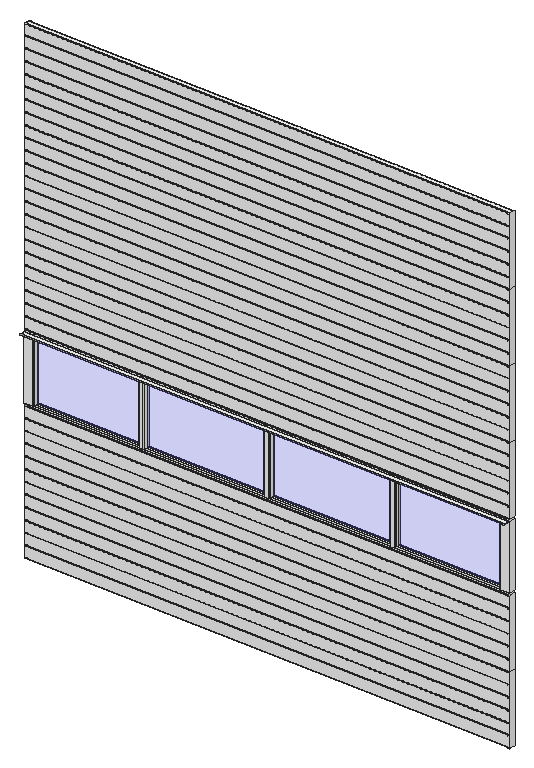
Revit family
Parameters (values of type "By Type")
  Windload = "Doors available rated for various design pressures; consult Clopay for avaialbility and specifications"
  VisSection6 = NumSections = 6  # no
  VisSection5 = NumSections > 4  # yes
  VisSection4 = NumSections > 3  # yes
  VisSection3 = NumSections > 2  # yes
  VisArray = NumSections > 6  # yes
  URL = "www.clopaydoor.com"
  Track = "Galvanized steel (gauge varies according to door size)"
  Thickness = 0' - 2"  # constant formula
  Spec Wizard = "http://www.arcat.com/specwizard/08360clo/index.htm"
  Section Height = Height / NumSections  # 2' - 0"
  Section 5 Glazing = Section : Solid
  Section 4 Glazing = Section : Solid
  Section 3 Glazing = Full Vision Section : Intermediate
  Sales Information = "http://www.clopaydoor.com/where-to-buy.aspx?type=dealer"
  Rough Width = 0' - 0"  # constant formula
  Rough Height = 0' - 0"  # constant formula
  R-Value = "17.2"
  Product Features and Benefits = "http://www.clopaydoor.com/insulated-polyurethane-applications.aspx"
  Overlapping Jamb = yes
  Overlap = if(Overlapping Jamb, 0' 1", 0' 0")  # 0' - 1"
  Opening Width = 14' - 0"
  Opening Height = 14' - 0"
  Omniclass Table = "23-30 10 17 37 "
  NumSectionsNotRounded = Height / 2' 0"  # 7
  NumSections = NumSectionsNotRounded + 0.4999  # 7
  NumArraySections = if(NumSections > 6, NumSections - 5, 2)  # 2
  Model = "3724"
  Maximum Size = "Maximum 32' 2'' wide by 26' 0'' high. Additional limitations may apply do to door weight. Consult Clopay for specificiations and shop drawings."  # constant formula
  Manufacturer Website = "http://www.clopaydoor.com"
  Manufacturer Phone Number = "1-800-526-4301"
  Manufacturer Address = "1400 W. Market St., Troy, OH 45373"
  Manufacturer = "Clopay Building Products Company"
  LEED = "http://products.construction.com/swts_content_files/151607/303186.pdf"
  Keynote = "08 36 13"
  Interior Steel = "28 ga. galvanized, primed, and finish painted"
  Hardware = "14 ga. min. steel hinges; 10-ball steel rollers"
  GreenFormat = "http://www.greenformat.com/products/1536-Polyurethane%20Insulated%20Doors.rtf"
  Function = (empty or 0)
  Height = Opening Height + Rough Width * 0  # 14' - 0"
  Wall Closure = (empty or 0)
  Width = Opening Width + Rough Width * 0  # 14' - 0"
  FloorToSection7 = 6 * Section Height  # 12' - 0"
  FloorToSection6 = 5 * Section Height  # 10' - 0"
  FloorToSection5 = 4 * Section Height  # 8' - 0"
  FloorToSection4 = 3 * Section Height  # 6' - 0"
  FloorToSection3 = 2 * Section Height  # 4' - 0"
  FloorToSection2 = Section Height  # 2' - 0"
  File Revision = "00 (March 2013)"
  Exterior Steel = "24 ga. galvanized, primed, and finish painted"
  Double End Stiles = Door Width > 14' 2"  # no
  Door Width = Opening Width + Overlap * 2  # 14' - 2"
  Door Height = Opening Height + Rough Width * 0  # 14' - 0"
  Description = "2'' thick polyurethane insulated, stucco embossed 24 gauge steel exterior with light ribbed pattern."
  Core Material = "Expanded polyurethane"
  Copyright = "2013, Clopay Building Products Company, Inc."
  Color = White
  CAD and Specifications = "http://www.clopaydoor.com/insulated-polyurethane-specs.aspx"
  Assembly Code = "B2030410"
Reference planes (in)
  plane 1 "Center (Front/Back)": y = 0
  plane 2 "Center (Left/Right)": x = 0
  plane 3 "Left": x = -84
  plane 4 "Right": x = 84
  plane 5 "Top": z = 168
  plane 6 "Exterior": y = 3
  plane 7 "Interior": y = -3
  plane 8: z = 120
  plane 9: z = 144
Lines and regions (in)
  Opening 1
    outline origin (-90, -3, 0) x (1, 0, 0) y (0, 0, 1)
      loop
        line (6, 0) -> (174, 0) -> (174, 168) -> (6, 168) -> (6, 0)
Text (in)
  text "Exterior" at (-74.96733, 27.31104, 0), in view "Ref. Level"
  text "Interior" at (-74.96733, -25.14366, 0), in view "Ref. Level"
  text "Exterior" at (0, 40.15149, 123.01588), in view "Right"
  text "Interior" at (0, -64.39139, 123.01588), in view "Right"
  text "Interior" at (0, -31.01599, 123.00693), in view "Left"
  text "Exterior" at (0, 54.57065, 123.00693), in view "Left"
Dimensions and locks (in)
  equal spacing: plane 3 "Left", plane 2 "Center (Left/Right)", plane 4 "Right"
  "Height": level to plane 5 "Top"
  "Width": plane 3 "Left" to plane 4 "Right"
  host wall to plane 5 "Top" = 14' - 0"
  nested 1 to plane 7 "Interior" = 0' - 0 1/2"
  "FloorToSection6": plane 8 to level
  "FloorToSection7": plane 9 to level
  group 1 to group 2 = 0' - 0"  (x2)
  group 1 to group 2 = 2' - 0"
  host wall to host wall = 67' - 6"
  aligned and locked: plane 3 "Left" to Opening 1 sketch curve
  aligned and locked: plane 5 "Top" to Opening 1 sketch curve
  aligned and locked: Opening 1 sketch curve to plane 5 "Top"
  aligned and locked: Opening 1 sketch curve to plane 4 "Right"
  aligned and locked: Opening 1 sketch curve to level
  aligned and locked: plane 6 "Exterior" to host wall
  aligned and locked: host wall to plane 7 "Interior"
  aligned and locked: plane 2 "Center (Left/Right)" to nested 2
  aligned and locked: plane 2 "Center (Left/Right)" to nested 3
  aligned and locked: plane 2 "Center (Left/Right)" to nested 4
  aligned and locked: plane 2 "Center (Left/Right)" to nested 5
  aligned and locked: plane 2 "Center (Left/Right)" to nested 7
  aligned and locked: nested 7 to plane 8
  aligned and locked: nested 8 to plane 9
  aligned and locked: plane 7 "Interior" to nested 2
  aligned and locked: plane 7 "Interior" to nested 7
  aligned and locked: host wall to nested 8
  aligned and locked: plane 7 "Interior" to nested 3
  aligned and locked: host wall to nested 3
  aligned and locked: plane 7 "Interior" to nested 1
  aligned and locked: nested 2 to host wall
  aligned and locked: plane 7 "Interior" to nested 6
  aligned and locked: plane 7 "Interior" to nested 5
  aligned and locked: host wall to nested 7
  aligned and locked: plane 7 "Interior" to nested 4
Nested families (in)
  nested 1: "Section" at (0, 0, 0), type "Solid"
    with X9 0' - 7 1/2", X8 0' - 7 1/2", X7 0' - 7 1/2", X6 0' - 7 1/2", X5 0' - 7 1/2", X4 11' - 7 1/2", X3 7' - 11 1/2", X2 4' - 3 1/2", NumWindows 4, NumArrayedWindows 4, Half Door Width Neg -7' - 1", Half Door Width 7' - 1", X1 0' - 7 1/2", Door Width 14' - 2"
  nested 2: "Section" at (0, 0, 24), built-in parameter 1001364 <- "Section Height", type "Solid"
    with X9 0' - 7 1/2", X8 0' - 7 1/2", X7 0' - 7 1/2", X6 0' - 7 1/2", X5 0' - 7 1/2", X4 11' - 7 1/2", X3 7' - 11 1/2", X2 4' - 3 1/2", NumWindows 4, NumArrayedWindows 4, Half Door Width Neg -7' - 1", Half Door Width 7' - 1", X1 0' - 7 1/2", Door Width 14' - 2"
  nested 3: "Full Vision Section" at (0, 0, 48), type <- "Section 3 Glazing", built-in parameter 1001364 <- "FloorToSection3", visible <- "VisSection3", type "Intermediate"
    with SingleStileVis no, Rail Width 14' - 1 13/16", NumIntStiles 3, Half Rail Width 7' - 0 29/32", Half Door Width 7' - 1", Glass Width 14' - 0 13/16", Edge to 1st Int Stile 3' - 5", Door Width 14' - 2", ArrayStileVis yes, ArrayIntStiles 3
  nested 4: "Section" at (0, 0, 120), built-in parameter 1001364 <- "FloorToSection6", visible <- "VisSection6", type "Solid"
    with X9 0' - 7 1/2", X8 0' - 7 1/2", X7 0' - 7 1/2", X6 0' - 7 1/2", X5 0' - 7 1/2", X4 11' - 7 1/2", X3 7' - 11 1/2", X2 4' - 3 1/2", NumWindows 4, NumArrayedWindows 4, Half Door Width Neg -7' - 1", Half Door Width 7' - 1", X1 0' - 7 1/2", Door Width 14' - 2"
  nested 5: "Section" at (0, 0, 96), built-in parameter 1001364 <- "FloorToSection5", type <- "Section 5 Glazing", visible <- "VisSection5", type "Solid"
    with X9 0' - 7 1/2", X8 0' - 7 1/2", X7 0' - 7 1/2", X6 0' - 7 1/2", X5 0' - 7 1/2", X4 11' - 7 1/2", X3 7' - 11 1/2", X2 4' - 3 1/2", NumWindows 4, NumArrayedWindows 4, Half Door Width Neg -7' - 1", Half Door Width 7' - 1", X1 0' - 7 1/2", Door Width 14' - 2"
  nested 6: "Section" at (0, 0, 72), type <- "Section 4 Glazing", built-in parameter 1001364 <- "FloorToSection4", visible <- "VisSection4", type "Solid"
    with X9 0' - 7 1/2", X8 0' - 7 1/2", X7 0' - 7 1/2", X6 0' - 7 1/2", X5 0' - 7 1/2", X4 11' - 7 1/2", X3 7' - 11 1/2", X2 4' - 3 1/2", NumWindows 4, NumArrayedWindows 4, Half Door Width Neg -7' - 1", Half Door Width 7' - 1", X1 0' - 7 1/2", Door Width 14' - 2"
  nested 7: "Section" at (0, 0, 120), visible <- "VisArray", type "Solid"
    with X9 0' - 7 1/2", X8 0' - 7 1/2", X7 0' - 7 1/2", X6 0' - 7 1/2", X5 0' - 7 1/2", X4 11' - 7 1/2", X3 7' - 11 1/2", X2 4' - 3 1/2", NumWindows 4, NumArrayedWindows 4, Half Door Width Neg -7' - 1", Half Door Width 7' - 1", X1 0' - 7 1/2", Door Width 14' - 2"
  nested 8: "Section" at (0, 0, 144), visible <- "VisArray", type "Solid"
    with X9 0' - 7 1/2", X8 0' - 7 1/2", X7 0' - 7 1/2", X6 0' - 7 1/2", X5 0' - 7 1/2", X4 11' - 7 1/2", X3 7' - 11 1/2", X2 4' - 3 1/2", NumWindows 4, NumArrayedWindows 4, Half Door Width Neg -7' - 1", Half Door Width 7' - 1", X1 0' - 7 1/2", Door Width 14' - 2"
  nested 9: "Section" at (0, 4.67704, 636.93806), type "Windows - 24x8", not visible
    with X9 0' - 7 1/2", X8 0' - 7 1/2", X7 0' - 7 1/2", X6 0' - 7 1/2", X5 0' - 7 1/2", X4 11' - 7 1/2", X3 7' - 11 1/2", X2 4' - 3 1/2", NumWindows 4, NumArrayedWindows 4, Half Door Width Neg -7' - 1", Half Door Width 7' - 1", X1 0' - 7 1/2", Door Width 14' - 2"
  nested 10: "Section" at (0, 4.63986, 609.3176), type "Windows - 24x12", not visible
    with X9 0' - 7 1/2", X8 0' - 7 1/2", X7 0' - 7 1/2", X6 0' - 7 1/2", X5 0' - 7 1/2", X4 11' - 7 1/2", X3 7' - 11 1/2", X2 4' - 3 1/2", WindowSpacing 3' - 8", NumWindows 4, NumArrayedWindows 4, Half Door Width Neg -7' - 1", Half Door Width 7' - 1", X1 0' - 7 1/2", Door Width 14' - 2"
Definition of nested family "Section"
  Parameters (values of type "Windows - 24x12")
    X9 = if(if(NumArrayedWindows < NumWindows, NumArrayedWindows + 1, NumWindows) < 9, X1, X8 + WindowSpacing)  # 0' - 4 1/2"
    X8 = if(if(NumArrayedWindows < NumWindows, NumArrayedWindows + 1, NumWindows) < 8, X1, X7 + WindowSpacing)  # 0' - 4 1/2"
    X7 = if(if(NumArrayedWindows < NumWindows, NumArrayedWindows + 1, NumWindows) < 7, X1, X6 + WindowSpacing)  # 0' - 4 1/2"
    X6 = if(if(NumArrayedWindows < NumWindows, NumArrayedWindows + 1, NumWindows) < 6, X1, X5 + WindowSpacing)  # 0' - 4 1/2"
    X5 = if(if(NumArrayedWindows < NumWindows, NumArrayedWindows + 1, NumWindows) < 5, X1, X4 + WindowSpacing)  # 0' - 4 1/2"
    X4 = if(if(NumArrayedWindows < NumWindows, NumArrayedWindows + 1, NumWindows) < 4, X1, X3 + WindowSpacing)  # 0' - 4 1/2"
    X3 = if(NumWindows < 3, X1, X2 + WindowSpacing)  # 7' - 0 1/2"
    X2 = if(NumWindows < 2, ((Door Width - (NumWindows - 1) * WindowSpacing) / 2 - Cutout Width / 2), ((Door Width - (NumWindows - 1) * WindowSpacing) / 2 - Cutout Width / 2) + WindowSpacing)  # 3' - 8 1/2"
    Windows = 37xx Window Array : 24x12
    WindowVis = yes
    WindowSpacing = if(and(Door Width < 10' 0", Door Width > 9' 2"), 3' 4", 3' 8")  # 3' - 4"
    WindowCutDepth = 0' - 2"
    Section Height = 2' - 0"
    RibSpacing = Section Height / (NumRibs + 1)  # 0' - 4"
    NumWindows = if(Door Width < 9' 4", 2, if(Door Width < 13' 4", 3, if(Door Width < 16' 4", 4, if(Door Width < 20' 4", 5, if(Door Width < 24' 4", 6, if(Door Width < 26' 4", 7, if(Door Width < 31' 8", 8, 10)))))))  # 3
    NumRibs = if(Section Height < 1' 9", 3, if(Section Height < 2' 0", 4, 5))  # 5
    NumArrayedWindows = if(X2 = X1, NumWindows - 2, NumWindows)  # 3
    Half Section Height = Section Height / 2  # 1' - 0"
    Half Door Width Neg = -Half Door Width  # -4' - 8"
    Half Door Width = Door Width / 2  # 4' - 8"
    Half Cutout Height = Cutout Height / 2  # 0' - 5 1/2"
    Function = (empty or 0)
    Height = 0' - 0"
    Wall Closure = (empty or 0)
    Width = 0' - 0"
    X1 = if(or(Door Width > 31' 6", and(Door Width > 26' 2", Door Width < 28' 1"), Door Width = 24' 3", Door Width = 24' 4", and(Door Width > 20' 2", Door Width < 20' 11"), and(Door Width > 16' 2", Door Width < 17' 3")), X2, (Door Width - (NumWindows - 1) * WindowSpacing) / 2 - Cutout Width / 2)  # 0' - 4 1/2"
    Door Width = 9' - 4"
    CutoutToCutout = 1' - 0"
    Cutout Width = 1' - 11"
    Cutout Height = 0' - 11"
    Color = White
    BtmTo1stRib = RibSpacing  # 0' - 4"
    Assembly Code = ""
  Types (3): name | X7 | X6 | X5 | X4 | X3 | X2 | Windows | WindowVis | WindowSpacing | WindowCutDepth | NumWindows | NumArrayedWindows | Half Door Width Neg | Half Door Width | Half Cutout Height | Door Width | Cutout Height
    Windows - 24x12 | 0' - 4 1/2" | 0' - 4 1/2" | 0' - 4 1/2" | 0' - 4 1/2" | 7' - 0 1/2" | 3' - 8 1/2" | 37xx Window Array : 24x12 | yes | 3' - 4" | 0' - 2" | 3 | 3 | -4' - 8" | 4' - 8" | 0' - 5 1/2" | 9' - 4" | 0' - 11"
    Windows - 24x8 | 22' - 4 1/2" | 18' - 8 1/2" | 15' - 0 1/2" | 11' - 4 1/2" | 7' - 8 1/2" | 4' - 0 1/2" | 37xx Window Array : 24x8 | yes | 3' - 8" | 0' - 2" | 7 | 7 | -12' - 4" | 12' - 4" | 0' - 3 1/2" | 24' - 8" | 0' - 7"
    Solid | 22' - 4 1/2" | 18' - 8 1/2" | 15' - 0 1/2" | 11' - 4 1/2" | 7' - 8 1/2" | 4' - 0 1/2" | 37xx Window Array : 24x8 | no | 3' - 8" | -0' - 0 13/128" | 7 | 7 | -12' - 4" | 12' - 4" | 0' - 3 1/2" | 24' - 8" | 0' - 7"
  Reference planes (in)
    plane 1 "Center (Front/Back)": y = 0
    plane 2 "Center (Left/Right)": x = 0
    plane 3 "Exterior": y = 3
    plane 4 "Interior": y = -3
    plane 5: y = -3.5
    plane 6: x = 56
    plane 7: x = -56
    plane 8: z = 4
    plane 9: z = 8
    plane 10: z = 24
    plane 11: z = 12
    plane 12: z = 0
  Forms (in)
    Extrusion 1, solid, material "White" <- "Color"
      sketch origin (-56, -12, 83.08252) x (0, 0, 1) y (0, -1, 0)
        loop
          line (-59.08252, -8.37573) -> (-59.08252, -6.62444)
          arc (-59.08252, -6.62444) -> (-59.11897, -6.53645) -> (-59.20696, -6.5) r 0.12444
          line (-59.20696, -6.5) -> (-82.95809, -6.5)
          arc (-82.95809, -6.5) -> (-83.04608, -6.53645) -> (-83.08252, -6.62444) r 0.12444
          line (-83.08252, -6.62444) -> (-83.08252, -8.37573)
          arc (-83.08252, -8.37573) -> (-83.04612, -8.4636) -> (-82.95825, -8.5) r 0.12427
          line (-82.95825, -8.5) -> (-59.20679, -8.5)
          arc (-59.20679, -8.5) -> (-59.11892, -8.4636) -> (-59.08252, -8.37573) r 0.12427
      from 0 to 112 <- "Door Width"
    Extrusion 2, void
      sketch origin (0, 0, -0.5) x (0, -1, 0) y (0, 0, 1)
        loop
          line (3.5, 4.62727) -> (3.5, 4.37273) -> (3.53032, 4.41942)
          arc (3.53032, 4.41942) -> (3.53753, 4.43506) -> (3.54, 4.4521) r 0.06
          line (3.54, 4.4521) -> (3.54, 4.5479)
          arc (3.54, 4.5479) -> (3.53753, 4.56494) -> (3.53032, 4.58058) r 0.06
          line (3.53032, 4.58058) -> (3.5, 4.62727)
      from -56 <- "Half Door Width Neg" to 112 <- "Door Width"
    Extrusion 3, void
      sketch origin (0, 0, 3.5) x (0, -1, 0) y (0, 0, 1)
        loop
          line (3.5, 4.62727) -> (3.5, 4.37273) -> (3.53032, 4.41942)
          arc (3.53032, 4.41942) -> (3.53753, 4.43506) -> (3.54, 4.4521) r 0.06
          line (3.54, 4.4521) -> (3.54, 4.5479)
          arc (3.54, 4.5479) -> (3.53753, 4.56494) -> (3.53032, 4.58058) r 0.06
          line (3.53032, 4.58058) -> (3.5, 4.62727)
      from -56 <- "Half Door Width Neg" to 112 <- "Door Width"
    Extrusion 4, void
      sketch origin (0, 0, 7.5) x (0, -1, 0) y (0, 0, 1)
        loop
          line (3.5, 4.62727) -> (3.5, 4.37273) -> (3.53032, 4.41942)
          arc (3.53032, 4.41942) -> (3.53753, 4.43506) -> (3.54, 4.4521) r 0.06
          line (3.54, 4.4521) -> (3.54, 4.5479)
          arc (3.54, 4.5479) -> (3.53753, 4.56494) -> (3.53032, 4.58058) r 0.06
          line (3.53032, 4.58058) -> (3.5, 4.62727)
      from -56 <- "Half Door Width Neg" to 112 <- "Door Width"
    Extrusion 5, void
      sketch origin (0, -8.99984, -0.5) x (0, 1, 0) y (0, 0, -1)
        loop
          line (3.5, -4.62727) -> (3.53032, -4.58058)
          arc (3.53032, -4.58058) -> (3.53753, -4.56494) -> (3.54, -4.5479) r 0.06
          line (3.54, -4.5479) -> (3.54, -4.4521)
          arc (3.54, -4.4521) -> (3.53753, -4.43506) -> (3.53032, -4.41942) r 0.06
          line (3.53032, -4.41942) -> (3.5, -4.37273) -> (3.5, -4.62727)
      from -56 <- "Half Door Width Neg" to 112 <- "Door Width"
    Extrusion 6, void
      sketch origin (0, -8.99984, 3.5) x (0, 1, 0) y (0, 0, -1)
        loop
          line (3.5, -4.62727) -> (3.53032, -4.58058)
          arc (3.53032, -4.58058) -> (3.53753, -4.56494) -> (3.54, -4.5479) r 0.06
          line (3.54, -4.5479) -> (3.54, -4.4521)
          arc (3.54, -4.4521) -> (3.53753, -4.43506) -> (3.53032, -4.41942) r 0.06
          line (3.53032, -4.41942) -> (3.5, -4.37273) -> (3.5, -4.62727)
      from -56 <- "Half Door Width Neg" to 112 <- "Door Width"
    Extrusion 7, void
      sketch origin (0, -8.99984, 7.5) x (0, 1, 0) y (0, 0, -1)
        loop
          line (3.5, -4.62727) -> (3.53032, -4.58058)
          arc (3.53032, -4.58058) -> (3.53753, -4.56494) -> (3.54, -4.5479) r 0.06
          line (3.54, -4.5479) -> (3.54, -4.4521)
          arc (3.54, -4.4521) -> (3.53753, -4.43506) -> (3.53032, -4.41942) r 0.06
          line (3.53032, -4.41942) -> (3.5, -4.37273) -> (3.5, -4.62727)
      from -56 <- "Half Door Width Neg" to 112 <- "Door Width"
    Extrusion 8, void
      sketch origin (-98.15385, -3.5, 48) x (1, 0, 0) y (0, 0, 1)
        loop
          line (149.65385, -30.5) -> (126.65385, -30.5) -> (126.65385, -36) -> (149.65385, -36) -> (149.65385, -30.5)
      from 0 to 2 <- "WindowCutDepth"
    Extrusion 9, void
      sketch origin (-98.15385, -3.5, -24) x (1, 0, 0) y (0, 0, 1)
        loop
          line (149.65385, 30.5) -> (149.65385, 36) -> (126.65385, 36) -> (126.65385, 30.5) -> (149.65385, 30.5)
      from 0 to 2 <- "WindowCutDepth"
    Extrusion 10, void
      sketch origin (-136.15385, -3.5, 48) x (1, 0, 0) y (0, 0, 1)
        loop
          line (147.65385, -30.5) -> (124.65385, -30.5) -> (124.65385, -36) -> (147.65385, -36) -> (147.65385, -30.5)
      from 0 to 2 <- "WindowCutDepth"
    Extrusion 11, void
      sketch origin (-136.15385, -3.5, -24) x (1, 0, 0) y (0, 0, 1)
        loop
          line (147.65385, 30.5) -> (147.65385, 36) -> (124.65385, 36) -> (124.65385, 30.5) -> (147.65385, 30.5)
      from 0 to 2 <- "WindowCutDepth"
    Extrusion 12, void
      sketch origin (-171.15385, -3.5, 48) x (1, 0, 0) y (0, 0, 1)
        loop
          line (142.65385, -30.5) -> (119.65385, -30.5) -> (119.65385, -36) -> (142.65385, -36) -> (142.65385, -30.5)
      from 0 to 2 <- "WindowCutDepth"
    Extrusion 13, void
      sketch origin (-171.15385, -3.5, -24) x (1, 0, 0) y (0, 0, 1)
        loop
          line (142.65385, 30.5) -> (142.65385, 36) -> (119.65385, 36) -> (119.65385, 30.5) -> (142.65385, 30.5)
      from 0 to 2 <- "WindowCutDepth"
    Extrusion 14, void
      sketch origin (-214.15385, -3.5, 48) x (1, 0, 0) y (0, 0, 1)
        loop
          line (265.65385, -30.5) -> (242.65385, -30.5) -> (242.65385, -36) -> (265.65385, -36) -> (265.65385, -30.5)
      from 0 to 2 <- "WindowCutDepth"
    Extrusion 15, void
      sketch origin (-214.15385, -3.5, -24) x (1, 0, 0) y (0, 0, 1)
        loop
          line (265.65385, 30.5) -> (265.65385, 36) -> (242.65385, 36) -> (242.65385, 30.5) -> (265.65385, 30.5)
      from 0 to 2 <- "WindowCutDepth"
    Extrusion 16, void
      sketch origin (-256.15385, -3.5, 48) x (1, 0, 0) y (0, 0, 1)
        loop
          line (307.65385, -30.5) -> (284.65385, -30.5) -> (284.65385, -36) -> (307.65385, -36) -> (307.65385, -30.5)
      from 0 to 2 <- "WindowCutDepth"
    Extrusion 17, void
      sketch origin (-256.15385, -3.5, -24) x (1, 0, 0) y (0, 0, 1)
        loop
          line (307.65385, 30.5) -> (307.65385, 36) -> (284.65385, 36) -> (284.65385, 30.5) -> (307.65385, 30.5)
      from 0 to 2 <- "WindowCutDepth"
    Extrusion 18, void
      sketch origin (-294.15385, -3.5, 48) x (1, 0, 0) y (0, 0, 1)
        loop
          line (345.65385, -30.5) -> (322.65385, -30.5) -> (322.65385, -36) -> (345.65385, -36) -> (345.65385, -30.5)
      from 0 to 2 <- "WindowCutDepth"
    Extrusion 19, void
      sketch origin (-294.15385, -3.5, -24) x (1, 0, 0) y (0, 0, 1)
        loop
          line (345.65385, 30.5) -> (345.65385, 36) -> (322.65385, 36) -> (322.65385, 30.5) -> (345.65385, 30.5)
      from 0 to 2 <- "WindowCutDepth"
    Extrusion 20, void
      sketch origin (-331.15385, -3.5, 48) x (1, 0, 0) y (0, 0, 1)
        loop
          line (382.65385, -30.5) -> (359.65385, -30.5) -> (359.65385, -36) -> (382.65385, -36) -> (382.65385, -30.5)
      from 0 to 2 <- "WindowCutDepth"
    Extrusion 21, void
      sketch origin (-331.15385, -3.5, -24) x (1, 0, 0) y (0, 0, 1)
        loop
          line (382.65385, 30.5) -> (382.65385, 36) -> (359.65385, 36) -> (359.65385, 30.5) -> (382.65385, 30.5)
      from 0 to 2 <- "WindowCutDepth"
    Extrusion 22, void
      sketch origin (-368.15385, -3.5, 48) x (1, 0, 0) y (0, 0, 1)
        loop
          line (419.65385, -30.5) -> (396.65385, -30.5) -> (396.65385, -36) -> (419.65385, -36) -> (419.65385, -30.5)
      from 0 to 2 <- "WindowCutDepth"
    Extrusion 23, void
      sketch origin (-368.15385, -3.5, -24) x (1, 0, 0) y (0, 0, 1)
        loop
          line (419.65385, 30.5) -> (419.65385, 36) -> (396.65385, 36) -> (396.65385, 30.5) -> (419.65385, 30.5)
      from 0 to 2 <- "WindowCutDepth"
    Extrusion 24, void
      sketch origin (-407.15385, -3.5, 48) x (1, 0, 0) y (0, 0, 1)
        loop
          line (458.65385, -30.5) -> (435.65385, -30.5) -> (435.65385, -36) -> (458.65385, -36) -> (458.65385, -30.5)
      from 0 to 2 <- "WindowCutDepth"
    Extrusion 25, void
      sketch origin (-407.15385, -3.5, -24) x (1, 0, 0) y (0, 0, 1)
        loop
          line (458.65385, 30.5) -> (458.65385, 36) -> (435.65385, 36) -> (435.65385, 30.5) -> (458.65385, 30.5)
      from 0 to 2 <- "WindowCutDepth"
    Extrusion 26, void
      sketch origin (0, 0, 11.5) x (0, -1, 0) y (0, 0, 1)
        loop
          line (3.5, 4.62727) -> (3.5, 4.37273) -> (3.53032, 4.41942)
          arc (3.53032, 4.41942) -> (3.53753, 4.43506) -> (3.54, 4.4521) r 0.06
          line (3.54, 4.4521) -> (3.54, 4.5479)
          arc (3.54, 4.5479) -> (3.53753, 4.56494) -> (3.53032, 4.58058) r 0.06
          line (3.53032, 4.58058) -> (3.5, 4.62727)
      from -56 <- "Half Door Width Neg" to 112 <- "Door Width"
    Extrusion 27, void
      sketch origin (0, -8.99984, 11.5) x (0, 1, 0) y (0, 0, -1)
        loop
          line (3.5, -4.62727) -> (3.53032, -4.58058)
          arc (3.53032, -4.58058) -> (3.53753, -4.56494) -> (3.54, -4.5479) r 0.06
          line (3.54, -4.5479) -> (3.54, -4.4521)
          arc (3.54, -4.4521) -> (3.53753, -4.43506) -> (3.53032, -4.41942) r 0.06
          line (3.53032, -4.41942) -> (3.5, -4.37273) -> (3.5, -4.62727)
      from -56 <- "Half Door Width Neg" to 112 <- "Door Width"
    Extrusion 28, void
      sketch origin (0, 0, 15.5) x (0, -1, 0) y (0, 0, 1)
        loop
          line (3.5, 4.62727) -> (3.5, 4.37273) -> (3.53032, 4.41942)
          arc (3.53032, 4.41942) -> (3.53753, 4.43506) -> (3.54, 4.4521) r 0.06
          line (3.54, 4.4521) -> (3.54, 4.5479)
          arc (3.54, 4.5479) -> (3.53753, 4.56494) -> (3.53032, 4.58058) r 0.06
          line (3.53032, 4.58058) -> (3.5, 4.62727)
      from -56 <- "Half Door Width Neg" to 112 <- "Door Width"
    Extrusion 29, void
      sketch origin (0, -8.99984, 15.5) x (0, 1, 0) y (0, 0, -1)
        loop
          line (3.5, -4.62727) -> (3.53032, -4.58058)
          arc (3.53032, -4.58058) -> (3.53753, -4.56494) -> (3.54, -4.5479) r 0.06
          line (3.54, -4.5479) -> (3.54, -4.4521)
          arc (3.54, -4.4521) -> (3.53753, -4.43506) -> (3.53032, -4.41942) r 0.06
          line (3.53032, -4.41942) -> (3.5, -4.37273) -> (3.5, -4.62727)
      from -56 <- "Half Door Width Neg" to 112 <- "Door Width"
  Cuts and joins
    Extrusion 2, Extrusion 3, Extrusion 4, Extrusion 5, Extrusion 6, Extrusion 7, Extrusion 8, Extrusion 9, Extrusion 10, Extrusion 11, Extrusion 12, Extrusion 13, Extrusion 14, Extrusion 15, Extrusion 16, Extrusion 17, Extrusion 18, Extrusion 19, Extrusion 20, Extrusion 21, Extrusion 22, Extrusion 23, Extrusion 24, Extrusion 25, Extrusion 26, Extrusion 27, Extrusion 28, Extrusion 29 cuts Extrusion 1
  Lines and regions (in)
    reference lines
      curve 1: line (-72, -3.54, 4) -> (-72, -3.5, 4)
      curve 2: line (-72, -5.45984, 4) -> (-72, -5.49984, 4)
      curve 3: line (-72, -3.54, 8) -> (-72, -3.5, 8)
      curve 4: line (-72, -3.54, 12) -> (-72, -3.5, 12)
      curve 5: line (-72, -5.45984, 4) -> (-72, -5.49984, 4)
      curve 6: line (-72, -5.45984, 8) -> (-72, -5.49984, 8)
      curve 7: line (-72, -5.45984, 12) -> (-72, -5.49984, 12)
      curve 8: line (-72, -3.54, 16) -> (-72, -3.5, 16)
      curve 9: line (-72, -5.45984, 16) -> (-72, -5.49984, 16)
      curve 10: line (-72, -3.54, 20) -> (-72, -3.5, 20)
      curve 11: line (-72, -5.45984, 20) -> (-72, -5.49984, 20)
  Text (in)
    text "Exterior" at (-74.96733, 27.31104, 0), in view "Ref. Level"
    text "Interior" at (-74.96733, -25.14366, 0), in view "Ref. Level"
    text "Exterior" at (0, 40.15149, 123.01588), in view "Right"
    text "Interior" at (0, -64.39139, 123.01588), in view "Right"
    text "Interior" at (0, -31.01599, 123.00693), in view "Left"
    text "Exterior" at (0, 54.57065, 123.00693), in view "Left"
  Dimensions and locks (in)
    plane 4 "Interior" to plane 5 = 0' - 0 1/2"
    "Half Door Width": plane 2 "Center (Left/Right)" to plane 7
    "Half Door Width": plane 6 to plane 2 "Center (Left/Right)"
    Extrusion 1 sketch curve to Extrusion 1 sketch curve = 0' - 2"
    Extrusion 2 sketch curve to Extrusion 2 sketch curve = 0' - 0.25454"
    Extrusion 2 sketch curve to Extrusion 2 sketch curve = 0' - 0.04"  (x2)
    "BtmTo1stRib": plane 8 to level
    curve 1 to Extrusion 2 sketch curve = 0' - 0.12727"
    "RibSpacing": plane 9 to plane 8
    "Section Height": plane 10 to level
    Extrusion 3 sketch curve to Extrusion 3 sketch curve = 0' - 0.25454"
    Extrusion 3 sketch curve to Extrusion 3 sketch curve = 0' - 0.04"  (x2)
    curve 3 to Extrusion 3 sketch curve = 0' - 0.12727"
    equal spacing: group 1, group 2, group 3, group 4, group 5  (x3)
    Extrusion 4 sketch curve to Extrusion 4 sketch curve = 0' - 0.25454"
    Extrusion 4 sketch curve to Extrusion 4 sketch curve = 0' - 0.04"  (x2)
    curve 4 to Extrusion 4 sketch curve = 0' - 0.12727"
    Extrusion 5 sketch curve to Extrusion 5 sketch curve = 0' - 0.25454"
    Extrusion 5 sketch curve to Extrusion 5 sketch curve = 0' - 0.04"  (x2)
    Extrusion 5 sketch curve to curve 5 = 0' - 0.12727"
    Extrusion 6 sketch curve to Extrusion 6 sketch curve = 0' - 0.25454"
    Extrusion 6 sketch curve to Extrusion 6 sketch curve = 0' - 0.04"  (x2)
    Extrusion 6 sketch curve to curve 6 = 0' - 0.12727"
    Extrusion 7 sketch curve to Extrusion 7 sketch curve = 0' - 0.25454"
    Extrusion 7 sketch curve to Extrusion 7 sketch curve = 0' - 0.04"  (x2)
    Extrusion 7 sketch curve to curve 7 = 0' - 0.12727"
    "Half Section Height": level to plane 11
    "Cutout Width": Extrusion 8 sketch curve to Extrusion 8 sketch curve
    "Half Cutout Height": Extrusion 8 sketch curve to Extrusion 8 sketch curve
    "Cutout Width": Extrusion 9 sketch curve to Extrusion 9 sketch curve
    "Half Cutout Height": Extrusion 9 sketch curve to Extrusion 9 sketch curve
    "X1": cut or joined group 1 (Extrusion 1, Extrusion 2, Extrusion 3, Extrusion 4, Extrusion 5, Extrusion 6, Extrusion 7, Extrusion 8, Extrusion 9, Extrusion 10, Extrusion 11, Extrusion 12, Extrusion 13, Extrusion 14, Extrusion 15, Extrusion 16, Extrusion 17, Extrusion 18, Extrusion 19, Extrusion 20, Extrusion 21, Extrusion 22, Extrusion 23, Extrusion 24, Extrusion 25, Extrusion 26, Extrusion 27, Extrusion 28, Extrusion 29) to cut or joined group 1
    "Cutout Width": Extrusion 10 sketch curve to Extrusion 10 sketch curve
    "Half Cutout Height": Extrusion 10 sketch curve to Extrusion 10 sketch curve
    "Cutout Width": Extrusion 11 sketch curve to Extrusion 11 sketch curve
    "Half Cutout Height": Extrusion 11 sketch curve to Extrusion 11 sketch curve
    "Cutout Width": Extrusion 12 sketch curve to Extrusion 12 sketch curve
    "Half Cutout Height": Extrusion 12 sketch curve to Extrusion 12 sketch curve
    "Cutout Width": Extrusion 13 sketch curve to Extrusion 13 sketch curve
    "Half Cutout Height": Extrusion 13 sketch curve to Extrusion 13 sketch curve
    "X2": plane 6 to cut or joined group 1
    "X3": plane 6 to cut or joined group 1
    "Cutout Width": Extrusion 14 sketch curve to Extrusion 14 sketch curve
    "Half Cutout Height": Extrusion 14 sketch curve to Extrusion 14 sketch curve
    "Cutout Width": Extrusion 15 sketch curve to Extrusion 15 sketch curve
    "Half Cutout Height": Extrusion 15 sketch curve to Extrusion 15 sketch curve
    "Cutout Width": Extrusion 16 sketch curve to Extrusion 16 sketch curve
    "Half Cutout Height": Extrusion 16 sketch curve to Extrusion 16 sketch curve
    "Cutout Width": Extrusion 17 sketch curve to Extrusion 17 sketch curve
    "Half Cutout Height": Extrusion 17 sketch curve to Extrusion 17 sketch curve
    "Cutout Width": Extrusion 18 sketch curve to Extrusion 18 sketch curve
    "Half Cutout Height": Extrusion 18 sketch curve to Extrusion 18 sketch curve
    "Cutout Width": Extrusion 19 sketch curve to Extrusion 19 sketch curve
    "Half Cutout Height": Extrusion 19 sketch curve to Extrusion 19 sketch curve
    "Cutout Width": Extrusion 20 sketch curve to Extrusion 20 sketch curve
    "Half Cutout Height": Extrusion 20 sketch curve to Extrusion 20 sketch curve
    "Cutout Width": Extrusion 21 sketch curve to Extrusion 21 sketch curve
    "Half Cutout Height": Extrusion 21 sketch curve to Extrusion 21 sketch curve
    "Cutout Width": Extrusion 22 sketch curve to Extrusion 22 sketch curve
    "Half Cutout Height": Extrusion 22 sketch curve to Extrusion 22 sketch curve
    "Cutout Width": Extrusion 23 sketch curve to Extrusion 23 sketch curve
    "Half Cutout Height": Extrusion 23 sketch curve to Extrusion 23 sketch curve
    "Cutout Width": Extrusion 24 sketch curve to Extrusion 24 sketch curve
    "Half Cutout Height": Extrusion 24 sketch curve to Extrusion 24 sketch curve
    "Cutout Width": Extrusion 25 sketch curve to Extrusion 25 sketch curve
    "Half Cutout Height": Extrusion 25 sketch curve to Extrusion 25 sketch curve
    "X4": plane 6 to cut or joined group 1
    "X5": plane 6 to cut or joined group 1
    "X6": plane 6 to cut or joined group 1
    "X7": plane 6 to cut or joined group 1
    "X8": plane 6 to cut or joined group 1
    "X9": plane 6 to cut or joined group 1
    locked: nested 1 to cut or joined group 1 at 1  (x2)
    locked: nested 1 to cut or joined group 1 at 0.125
    Extrusion 26 sketch curve to Extrusion 26 sketch curve = 0' - 0.25454"
    Extrusion 26 sketch curve to Extrusion 26 sketch curve = 0' - 0.04"  (x2)
    curve 8 to Extrusion 26 sketch curve = 0' - 0.12727"
    Extrusion 27 sketch curve to Extrusion 27 sketch curve = 0' - 0.25454"
    Extrusion 27 sketch curve to Extrusion 27 sketch curve = 0' - 0.04"  (x2)
    Extrusion 27 sketch curve to curve 9 = 0' - 0.12727"
    Extrusion 28 sketch curve to Extrusion 28 sketch curve = 0' - 0.25454"
    Extrusion 28 sketch curve to Extrusion 28 sketch curve = 0' - 0.04"  (x2)
    curve 10 to Extrusion 28 sketch curve = 0' - 0.12727"
    Extrusion 29 sketch curve to Extrusion 29 sketch curve = 0' - 0.25454"
    Extrusion 29 sketch curve to Extrusion 29 sketch curve = 0' - 0.04"  (x2)
    Extrusion 29 sketch curve to curve 11 = 0' - 0.12727"
    locked: plane 4 "Interior" to cut or joined group 1 at 0.5
    radius of Extrusion 1 sketch curve = 0' - 0.12427"  (x2)
    radius of Extrusion 1 sketch curve = 0' - 0.12444"  (x2)
    angle Extrusion 2 sketch curve to Extrusion 2 sketch curve = 147.00°  (x2)
    angle Extrusion 3 sketch curve to Extrusion 3 sketch curve = 147.00°  (x2)
    angle Extrusion 4 sketch curve to Extrusion 4 sketch curve = 147.00°  (x2)
    angle Extrusion 5 sketch curve to Extrusion 5 sketch curve = 147.00°  (x2)
    angle Extrusion 6 sketch curve to Extrusion 6 sketch curve = 147.00°  (x2)
    angle Extrusion 7 sketch curve to Extrusion 7 sketch curve = 147.00°  (x2)
    angle Extrusion 26 sketch curve to Extrusion 26 sketch curve = 147.00°  (x2)
    angle Extrusion 27 sketch curve to Extrusion 27 sketch curve = 147.00°  (x2)
    angle Extrusion 28 sketch curve to Extrusion 28 sketch curve = 147.00°  (x2)
    angle Extrusion 29 sketch curve to Extrusion 29 sketch curve = 147.00°  (x2)
    aligned and locked: Extrusion 1 sketch curve to plane 5
    aligned and locked: plane 8 to curve 1
    aligned and locked: plane 9 to curve 3
    aligned and locked: Extrusion 8 sketch curve to plane 11
    aligned and locked: plane 11 to Extrusion 9 sketch curve
    aligned and locked: cut or joined group 1 to cut or joined group 1  (x9)
    aligned and locked: plane 12 to level
  Automatic sketch dimensions
    curve 2 to curve 1 = 0' - 1.91984"
    curve 1 to curve 1 = 0' - 0.04"  (x2)
    curve 1 to curve 2 = 0' - 1.91984"
    curve 2 to curve 2 = 0' - 0.04"  (x2)
    Extrusion 2 sketch curve to Extrusion 2 sketch curve = 0' - 0"
    Extrusion 2 sketch curve to Extrusion 2 sketch curve = 0' - 0.02"
    Extrusion 2 sketch curve to Extrusion 2 sketch curve = 0' - 0.00968"  (x2)
    curve 5 to curve 1 = 0' - 0"
    curve 1 to curve 5 = 0' - 1.91984"
    curve 5 to curve 5 = 0' - 0.04"
    Extrusion 5 sketch curve to Extrusion 5 sketch curve = 0' - 0"
    Extrusion 5 sketch curve to Extrusion 5 sketch curve = 0' - 0.02"
    Extrusion 5 sketch curve to Extrusion 5 sketch curve = 0' - 0.00968"  (x2)
    Extrusion 3 sketch curve to Extrusion 3 sketch curve = 0' - 0"
    Extrusion 3 sketch curve to Extrusion 3 sketch curve = 0' - 0.02"
    Extrusion 3 sketch curve to Extrusion 3 sketch curve = 0' - 0.00968"  (x2)
    curve 6 to curve 3 = 0' - 0"
    curve 3 to curve 3 = 0' - 0.04"
    curve 3 to curve 6 = 0' - 1.91984"
    curve 6 to curve 6 = 0' - 0.04"
    Extrusion 4 sketch curve to Extrusion 4 sketch curve = 0' - 0"
    Extrusion 4 sketch curve to Extrusion 4 sketch curve = 0' - 0.02"
    Extrusion 4 sketch curve to Extrusion 4 sketch curve = 0' - 0.00968"  (x2)
    curve 7 to curve 4 = 0' - 0"
    curve 4 to curve 4 = 0' - 0.04"
    curve 4 to curve 7 = 0' - 1.91984"
    curve 7 to curve 7 = 0' - 0.04"
    Extrusion 7 sketch curve to Extrusion 7 sketch curve = 0' - 0.00968"
    Extrusion 6 sketch curve to Extrusion 6 sketch curve = 0' - 0.00968"
    curve 2 to plane 8 = 0' - 0"
    curve 2 to plane 5 = 0' - 1.95984"
    Extrusion 8 sketch curve to plane 6 = 2' - 3 1/2"
    Extrusion 9 sketch curve to plane 6 = 2' - 3 1/2"
    Extrusion 10 sketch curve to plane 11 = 0' - 0"
    Extrusion 10 sketch curve to plane 6 = 5' - 7 1/2"
    Extrusion 11 sketch curve to plane 11 = 0' - 0"
    Extrusion 11 sketch curve to plane 6 = 5' - 7 1/2"
    Extrusion 12 sketch curve to plane 11 = 0' - 0"
    Extrusion 12 sketch curve to plane 6 = 8' - 11 1/2"
    Extrusion 13 sketch curve to plane 11 = 0' - 0"
    Extrusion 13 sketch curve to plane 6 = 8' - 11 1/2"
    Extrusion 14 sketch curve to plane 11 = 0' - 0"
    plane 2 "Center (Left/Right)" to Extrusion 14 sketch curve = 2' - 4 1/2"
    Extrusion 15 sketch curve to plane 11 = 0' - 0"
    plane 2 "Center (Left/Right)" to Extrusion 15 sketch curve = 2' - 4 1/2"
    Extrusion 16 sketch curve to plane 11 = 0' - 0"
    plane 2 "Center (Left/Right)" to Extrusion 16 sketch curve = 2' - 4 1/2"
    Extrusion 17 sketch curve to plane 11 = 0' - 0"
    plane 2 "Center (Left/Right)" to Extrusion 17 sketch curve = 2' - 4 1/2"
    Extrusion 18 sketch curve to plane 11 = 0' - 0"
    plane 2 "Center (Left/Right)" to Extrusion 18 sketch curve = 2' - 4 1/2"
    Extrusion 19 sketch curve to plane 11 = 0' - 0"
    plane 2 "Center (Left/Right)" to Extrusion 19 sketch curve = 2' - 4 1/2"
    Extrusion 20 sketch curve to plane 11 = 0' - 0"
    plane 2 "Center (Left/Right)" to Extrusion 20 sketch curve = 2' - 4 1/2"
    Extrusion 21 sketch curve to plane 11 = 0' - 0"
    plane 2 "Center (Left/Right)" to Extrusion 21 sketch curve = 2' - 4 1/2"
    Extrusion 22 sketch curve to plane 11 = 0' - 0"
    plane 7 to Extrusion 22 sketch curve = 7' - 0 1/2"
    Extrusion 23 sketch curve to plane 11 = 0' - 0"
    plane 7 to Extrusion 23 sketch curve = 7' - 0 1/2"
    Extrusion 24 sketch curve to plane 11 = 0' - 0"
    plane 7 to Extrusion 24 sketch curve = 7' - 0 1/2"
    Extrusion 25 sketch curve to plane 11 = 0' - 0"
    plane 7 to Extrusion 25 sketch curve = 7' - 0 1/2"
    Extrusion 1 sketch curve to plane 10 = 0' - 0"
    Extrusion 1 sketch curve to level = 0' - 0"
    Extrusion 26 sketch curve to Extrusion 26 sketch curve = 0' - 0"
    Extrusion 26 sketch curve to Extrusion 26 sketch curve = 0' - 0.02"
    Extrusion 26 sketch curve to Extrusion 26 sketch curve = 0' - 0.00968"  (x2)
    curve 9 to curve 8 = 0' - 0"
    curve 8 to curve 8 = 0' - 0.04"
    curve 8 to curve 9 = 0' - 1.91984"
    curve 9 to curve 9 = 0' - 0.04"
    Extrusion 27 sketch curve to Extrusion 27 sketch curve = 0' - 0"
    Extrusion 27 sketch curve to Extrusion 27 sketch curve = 0' - 0.02"
    Extrusion 27 sketch curve to Extrusion 27 sketch curve = 0' - 0.00968"  (x2)
    Extrusion 28 sketch curve to Extrusion 28 sketch curve = 0' - 0"
    Extrusion 28 sketch curve to Extrusion 28 sketch curve = 0' - 0.02"
    Extrusion 28 sketch curve to Extrusion 28 sketch curve = 0' - 0.00968"  (x2)
    curve 11 to curve 10 = 0' - 0"
    curve 10 to curve 10 = 0' - 0.04"
    curve 10 to curve 11 = 0' - 1.91984"
    curve 11 to curve 11 = 0' - 0.04"
    Extrusion 29 sketch curve to Extrusion 29 sketch curve = 0' - 0"
    Extrusion 29 sketch curve to Extrusion 29 sketch curve = 0' - 0.02"
    Extrusion 29 sketch curve to Extrusion 29 sketch curve = 0' - 0.00968"  (x2)
  Nested families (in)
    nested 1: "37xx Window Array" at (40, -3.375, 7.5) x (-1, 0, 0) z (0, 0, 1), type <- "Windows", visible <- "WindowVis", type "24x12"
      with Window Spacing 3' - 4"
  Definition of nested family "37xx Window Array"
    Parameters (values of type "24x8")
      Window Spacing = 3' - 8"
      NumWindows = 3
      Frame Width = 2' - 1"
      Frame Height = 0' - 9"
      Color = White
      Assembly Code = ""
    Types (2): name | Frame Height | Color
      24x8 | 0' - 9" | White
      24x12 | 1' - 1" | none
    Reference planes (in)
      plane 1 "Center (Front/Back)": y = 0
      plane 2: z = 0
      plane 3 "Center (Left/Right)": x = 0
      plane 4: y = -1
    Forms (in)
      Extrusion 1, solid, material "White" <- "Color"
        sketch origin (-1.38592, 0, 0) x (1, 0, 0) y (0, 0, 1)
          loop
            line (-8.86408, 1.625) -> (11.63592, 1.625)
            arc (11.63592, 1.625) -> (12.07786, 1.80806) -> (12.26092, 2.25) r 0.625
            line (12.26092, 2.25) -> (12.26092, 6.75)
            arc (12.26092, 6.75) -> (12.07786, 7.19194) -> (11.63592, 7.375) r 0.625
            line (11.63592, 7.375) -> (-8.86408, 7.375)
            arc (-8.86408, 7.375) -> (-9.30602, 7.19194) -> (-9.48908, 6.75) r 0.625
            line (-9.48908, 6.75) -> (-9.48908, 2.25)
            arc (-9.48908, 2.25) -> (-9.30602, 1.80806) -> (-8.86408, 1.625) r 0.625
          loop
            line (-10.48908, 0) -> (13.26092, 0)
            arc (13.26092, 0) -> (13.70286, 0.18306) -> (13.88592, 0.625) r 0.625
            line (13.88592, 0.625) -> (13.88592, 8.375)
            arc (13.88592, 8.375) -> (13.70286, 8.81694) -> (13.26092, 9) r 0.625
            line (13.26092, 9) -> (-10.48908, 9)
            arc (-10.48908, 9) -> (-10.93102, 8.81694) -> (-11.11408, 8.375) r 0.625
            line (-11.11408, 8.375) -> (-11.11408, 0.625)
            arc (-11.11408, 0.625) -> (-10.93102, 0.18306) -> (-10.48908, 0) r 0.625
        from 0 to 2.25
      Extrusion 2, solid, material "Glass"
        sketch origin (0, -1, 15.9844) x (0, 0, 1) y (-1, 0, 0)
          loop
            arc (-8.6094, 10.25) -> (-8.79246, 10.69194) -> (-9.2344, 10.875) r 0.625
            line (-9.2344, 10.875) -> (-13.7344, 10.875)
            arc (-13.7344, 10.875) -> (-14.17634, 10.69194) -> (-14.3594, 10.25) r 0.625
            line (-14.3594, 10.25) -> (-14.3594, -10.25)
            arc (-14.3594, -10.25) -> (-14.17634, -10.69194) -> (-13.7344, -10.875) r 0.625
            line (-13.7344, -10.875) -> (-9.2344, -10.875)
            arc (-9.2344, -10.875) -> (-8.79246, -10.69194) -> (-8.6094, -10.25) r 0.625
            line (-8.6094, -10.25) -> (-8.6094, 10.25)
        from 0 to 0.25
      Extrusion 3, solid, material "White" <- "Color"
        sketch origin (42.61408, 0, 0) x (1, 0, 0) y (0, 0, 1)
          loop
            line (-8.86408, 1.625) -> (11.63592, 1.625)
            arc (11.63592, 1.625) -> (12.07786, 1.80806) -> (12.26092, 2.25) r 0.625
            line (12.26092, 2.25) -> (12.26092, 6.75)
            arc (12.26092, 6.75) -> (12.07786, 7.19194) -> (11.63592, 7.375) r 0.625
            line (11.63592, 7.375) -> (-8.86408, 7.375)
            arc (-8.86408, 7.375) -> (-9.30602, 7.19194) -> (-9.48908, 6.75) r 0.625
            line (-9.48908, 6.75) -> (-9.48908, 2.25)
            arc (-9.48908, 2.25) -> (-9.30602, 1.80806) -> (-8.86408, 1.625) r 0.625
          loop
            line (-10.48908, 0) -> (13.26092, 0)
            arc (13.26092, 0) -> (13.70286, 0.18306) -> (13.88592, 0.625) r 0.625
            line (13.88592, 0.625) -> (13.88592, 8.375)
            arc (13.88592, 8.375) -> (13.70286, 8.81694) -> (13.26092, 9) r 0.625
            line (13.26092, 9) -> (-10.48908, 9)
            arc (-10.48908, 9) -> (-10.93102, 8.81694) -> (-11.11408, 8.375) r 0.625
            line (-11.11408, 8.375) -> (-11.11408, 0.625)
            arc (-11.11408, 0.625) -> (-10.93102, 0.18306) -> (-10.48908, 0) r 0.625
        from 0 to 2.25
      Extrusion 4, solid, material "Glass"
        sketch origin (44, -1, 15.9844) x (0, 0, 1) y (-1, 0, 0)
          loop
            arc (-8.6094, 10.25) -> (-8.79246, 10.69194) -> (-9.2344, 10.875) r 0.625
            line (-9.2344, 10.875) -> (-13.7344, 10.875)
            arc (-13.7344, 10.875) -> (-14.17634, 10.69194) -> (-14.3594, 10.25) r 0.625
            line (-14.3594, 10.25) -> (-14.3594, -10.25)
            arc (-14.3594, -10.25) -> (-14.17634, -10.69194) -> (-13.7344, -10.875) r 0.625
            line (-13.7344, -10.875) -> (-9.2344, -10.875)
            arc (-9.2344, -10.875) -> (-8.79246, -10.69194) -> (-8.6094, -10.25) r 0.625
            line (-8.6094, -10.25) -> (-8.6094, 10.25)
        from 0 to 0.25
      Extrusion 5, solid, material "White" <- "Color"
        sketch origin (86.61408, 0, 0) x (1, 0, 0) y (0, 0, 1)
          loop
            line (-8.86408, 1.625) -> (11.63592, 1.625)
            arc (11.63592, 1.625) -> (12.07786, 1.80806) -> (12.26092, 2.25) r 0.625
            line (12.26092, 2.25) -> (12.26092, 6.75)
            arc (12.26092, 6.75) -> (12.07786, 7.19194) -> (11.63592, 7.375) r 0.625
            line (11.63592, 7.375) -> (-8.86408, 7.375)
            arc (-8.86408, 7.375) -> (-9.30602, 7.19194) -> (-9.48908, 6.75) r 0.625
            line (-9.48908, 6.75) -> (-9.48908, 2.25)
            arc (-9.48908, 2.25) -> (-9.30602, 1.80806) -> (-8.86408, 1.625) r 0.625
          loop
            line (-10.48908, 0) -> (13.26092, 0)
            arc (13.26092, 0) -> (13.70286, 0.18306) -> (13.88592, 0.625) r 0.625
            line (13.88592, 0.625) -> (13.88592, 8.375)
            arc (13.88592, 8.375) -> (13.70286, 8.81694) -> (13.26092, 9) r 0.625
            line (13.26092, 9) -> (-10.48908, 9)
            arc (-10.48908, 9) -> (-10.93102, 8.81694) -> (-11.11408, 8.375) r 0.625
            line (-11.11408, 8.375) -> (-11.11408, 0.625)
            arc (-11.11408, 0.625) -> (-10.93102, 0.18306) -> (-10.48908, 0) r 0.625
        from 0 to 2.25
      Extrusion 6, solid, material "Glass"
        sketch origin (88, -1, 15.9844) x (0, 0, 1) y (-1, 0, 0)
          loop
            arc (-8.6094, 10.25) -> (-8.79246, 10.69194) -> (-9.2344, 10.875) r 0.625
            line (-9.2344, 10.875) -> (-13.7344, 10.875)
            arc (-13.7344, 10.875) -> (-14.17634, 10.69194) -> (-14.3594, 10.25) r 0.625
            line (-14.3594, 10.25) -> (-14.3594, -10.25)
            arc (-14.3594, -10.25) -> (-14.17634, -10.69194) -> (-13.7344, -10.875) r 0.625
            line (-13.7344, -10.875) -> (-9.2344, -10.875)
            arc (-9.2344, -10.875) -> (-8.79246, -10.69194) -> (-8.6094, -10.25) r 0.625
            line (-8.6094, -10.25) -> (-8.6094, 10.25)
        from 0 to 0.25
    Dimensions and locks (in)
      locked: Extrusion 1 sketch curve to Extrusion 1 sketch curve at 1.625  (x4)
      "Frame Height": Extrusion 1 sketch curve to Extrusion 1 sketch curve
      "Frame Width": Extrusion 1 sketch curve to Extrusion 1 sketch curve
      Extrusion 1 to plane 4 = 0' - 1"
      Extrusion 1 to plane 3 "Center (Left/Right)" = 1' - 0 1/2"
      locked: Extrusion 3 sketch curve to Extrusion 3 sketch curve at 1.625  (x4)
      "Frame Height": Extrusion 3 sketch curve to Extrusion 3 sketch curve
      "Frame Width": Extrusion 3 sketch curve to Extrusion 3 sketch curve
      equal spacing: group 1, group 2, group 3  (x3)
      locked: Extrusion 5 sketch curve to Extrusion 5 sketch curve at 1.625  (x4)
      "Frame Height": Extrusion 5 sketch curve to Extrusion 5 sketch curve
      "Frame Width": Extrusion 5 sketch curve to Extrusion 5 sketch curve
      "Window Spacing": Extrusion 1 to Extrusion 3
      radius of Extrusion 1 sketch curve = 0' - 0 5/8"  (x8)
      radius of Extrusion 3 sketch curve = 0' - 0 5/8"  (x8)
      radius of Extrusion 5 sketch curve = 0' - 0 5/8"  (x8)
      aligned and locked: plane 2 to level
      aligned and locked: Extrusion 2 sketch curve to Extrusion 1  (x4)
      aligned and locked: Extrusion 4 sketch curve to Extrusion 3  (x4)
      aligned and locked: Extrusion 6 sketch curve to Extrusion 5  (x4)
Definition of nested family "Full Vision Section"
  Parameters (values of type "Intermediate")
    Top Rail Face = if(Section Type = 3, 0' 3", 0' 0 27/32")  # 0' - 0 27/32"
    Stile Height = if(or(Section Type = 1, Section Type = 3), Section Height - 0' 3 27/32", Section Height - 0' 0 27/32" * 2)  # 1' - 10 5/16"
    SingleStileVis = and(NumIntStiles < 2, NumIntStiles > 0)  # yes
    Section Type = 2
    Section Height = 2' - 0"
    Rail Width = Door Width - 0' 0 3/16"  # 8' - 1 13/16"
    Panel Material = Glass
    NumIntStiles = if(Door Width < 4' 9", 0, if(Door Width < 9' 3", 1, if(Door Width < 13' 3", 2, if(Door Width < 16' 3", 3, if(Door Width < 20' 3", 4, 5)))))  # 1
    IntStileCtrCtr = 3' - 8"
    Half Rail Width = Rail Width / 2  # 4' - 0 29/32"
    Half Door Width = Door Width / 2  # 4' - 1"
    Glass Width = Rail Width - 0' 1"  # 8' - 0 13/16"
    Function = (empty or 0)
    Height = 0' - 0"
    Wall Closure = (empty or 0)
    Width = 0' - 0"
    Frame Material = White
    Fin Visibility = or(Section Type = 1, Section Type = 2)  # yes
    End Stile Face = if(Double End Stiles, 0' 6", 0' 3")  # 0' - 3"
    Edge to 1st Int Stile = (Door Width - (NumIntStiles - 1) * 3' 8") / 2  # 4' - 1"
    Double End Stiles = no
    Door Width = 8' - 2"
    Bottom Rail Face = if(Section Type = 1, 0' 3", 0' 0 27/32")  # 0' - 0 27/32"
    Assembly Code = ""
    ArrayStileVis = NumIntStiles > 1  # no
    ArrayIntStiles = if(NumIntStiles < 2, 2, NumIntStiles)  # 2
  Reference planes (in)
    plane 1 "Center (Front/Back)": y = 0
    plane 2 "Center (Left/Right)": x = 0
    plane 3 "Exterior": y = 3
    plane 4 "Interior": y = -3
    plane 5: y = -3.5
    plane 6: x = 49
    plane 7: x = 48.90625
    plane 8: x = -48.90625
    plane 9: x = -49
    plane 10: x = 0
    plane 11: x = 0
  Forms (in)
    Extrusion 1, solid, material "White" <- "Frame Material"
      sketch origin (-48.90625, -12, 83.08252) x (0, 0, 1) y (0, -1, 0)
        loop
          arc (-83.08252, -8.37483) -> (-83.04586, -8.46334) -> (-82.95735, -8.5) r 0.12517
          line (-82.95735, -8.5) -> (-82.23877, -8.5) -> (-82.23877, -8.37402) -> (-82.1155, -8.37402) -> (-81.7405, -7.99902) -> (-81.7405, -7.81152) -> (-82.23877, -7.81152) -> (-82.23877, -7.56152) -> (-81.7405, -7.56152) -> (-81.7405, -6.56152) -> (-82.23877, -6.56152) -> (-82.23877, -6.37582) -> (-82.95588, -6.37582)
          arc (-82.95588, -6.37582) -> (-83.04543, -6.41291) -> (-83.08252, -6.50246) r 0.12664
          line (-83.08252, -6.50246) -> (-83.08252, -8.37483)
      from 0 to 97.8125 <- "Rail Width"
    Extrusion 2, solid, material "White" <- "Frame Material"
      sketch origin (-48.90625, -12, 83.08252) x (0, 0, 1) y (0, -1, 0)
        loop
          line (-59.08252, -8.37573) -> (-59.08252, -6.50025)
          arc (-59.08252, -6.50025) -> (-59.11897, -6.41226) -> (-59.20696, -6.37582) r 0.12444
          line (-59.20696, -6.37582) -> (-59.92627, -6.37582) -> (-59.92627, -6.56152) -> (-60.42627, -6.56152) -> (-60.42627, -7.56152) -> (-59.92627, -7.56152) -> (-59.92627, -7.81152) -> (-60.42627, -7.81152) -> (-60.42627, -7.99854) -> (-60.05079, -8.37402) -> (-59.92627, -8.37402) -> (-59.92627, -8.5) -> (-59.20679, -8.5)
          arc (-59.20679, -8.5) -> (-59.11892, -8.4636) -> (-59.08252, -8.37573) r 0.12427
      from 0 to 97.8125 <- "Rail Width"
    Extrusion 3, solid, material "Glass" <- "Panel Material"
      sketch origin (-48.90625, -12, 83.08252) x (0, 0, 1) y (0, -1, 0)
        loop
          line (-59.92627, -7.81152) -> (-59.92627, -7.56152) -> (-82.23877, -7.56152) -> (-82.23877, -7.81152) -> (-59.92627, -7.81152)
      from 1 to 96.8125 <- "Glass Width"
    Extrusion 4, solid, material "White" <- "Frame Material"
      sketch origin (-48.90625, -5.43848, 23.15625) x (-1, 0, 0) y (0, 1, 0)
        loop
          line (0.09375, 1.93848) -> (-2.90625, 1.93848) -> (-2.90625, 1.8125) -> (-3.02952, 1.8125) -> (-3.40452, 1.4375) -> (-3.40452, 1.25) -> (-2.90625, 1.25) -> (-2.90625, 1) -> (-3.40452, 1) -> (-3.40452, 0) -> (-2.90625, 0) -> (-2.90625, -0.18571) -> (0.09375, -0.18571) -> (0.09375, 1.93848)
      from 0 to 22.3125 <- "Stile Height"
    Extrusion 5, solid, material "White" <- "Frame Material"
      sketch origin (-48.90625, -3.5, 23.15625) x (-1, 0, 0) y (0, 1, 0)
        loop
          line (-97.90625, 0) -> (-97.90625, -2.12418) -> (-94.90625, -2.12418) -> (-94.90625, -1.93848) -> (-94.40798, -1.93848) -> (-94.40798, -0.93848) -> (-94.90625, -0.93848) -> (-94.90625, -0.68848) -> (-94.40798, -0.68848) -> (-94.40798, -0.50098) -> (-94.78298, -0.12598) -> (-94.90625, -0.12598) -> (-94.90625, 0) -> (-97.90625, 0)
      from 0 to 22.3125 <- "Stile Height"
    Extrusion 6, solid, material "White" <- "Frame Material", visible <- "Fin Visibility"
      sketch origin (-48.90625, -12, 83.08252) x (0, 0, 1) y (0, -1, 0)
        loop
          line (-59.92627, -6.37582) -> (-59.8329, -6.37582) -> (-59.8329, -4.5475)
          arc (-59.8329, -4.5475) -> (-59.87958, -4.50082) -> (-59.92627, -4.5475) r 0.04669
          line (-59.92627, -4.5475) -> (-59.92627, -6.37582)
      from 0 to 97.8125 <- "Rail Width"
  Text (in)
    text "Exterior" at (-74.96733, 27.31104, 0), in view "Ref. Level"
    text "Interior" at (-74.96733, -25.14366, 0), in view "Ref. Level"
    text "Exterior" at (0, 40.15149, 123.01588), in view "Right"
    text "Interior" at (0, -64.39139, 123.01588), in view "Right"
    text "Interior" at (0, -31.01599, 123.00693), in view "Left"
    text "Exterior" at (0, 54.57065, 123.00693), in view "Left"
  Dimensions and locks (in)
    plane 4 "Interior" to plane 5 = 0' - 0 1/2"
    locked: Extrusion 1 sketch curve to Extrusion 1 sketch curve at 0.12598
    locked: Extrusion 1 sketch curve to Extrusion 1 sketch curve at 0.25
    locked: Extrusion 1 sketch curve to Extrusion 1 sketch curve at 1
    locked: Extrusion 1 sketch curve to Extrusion 1 sketch curve at 0.12327
    locked: Extrusion 1 sketch curve to Extrusion 1 sketch curve at 0.49827
    locked: Extrusion 1 sketch curve to Extrusion 1 sketch curve at 0.5625
    locked: Extrusion 1 sketch curve to Extrusion 1 sketch curve at 2.12418
    "Bottom Rail Face": Extrusion 1 sketch curve to Extrusion 1 sketch curve
    "Top Rail Face": Extrusion 2 sketch curve to Extrusion 2 sketch curve
    locked: Extrusion 2 sketch curve to Extrusion 2 sketch curve at 0.12452
    locked: Extrusion 2 sketch curve to Extrusion 2 sketch curve at 0.5
    locked: Extrusion 4 sketch curve to Extrusion 4 sketch curve at 2.12418
    "End Stile Face": Extrusion 4 sketch curve to Extrusion 4 sketch curve
    locked: Extrusion 4 sketch curve to Extrusion 4 sketch curve at 0.12598
    locked: Extrusion 4 sketch curve to Extrusion 4 sketch curve at 0.49827
    locked: Extrusion 4 sketch curve to Extrusion 4 sketch curve at 0.12327
    Extrusion 4 sketch curve to Extrusion 4 sketch curve to Extrusion 4 sketch curve = 0' - 0 9/16" locked, 0' - 0 1/4" locked
    locked: Extrusion 4 sketch curve to Extrusion 4 sketch curve at 1
    locked: Extrusion 4 sketch curve to Extrusion 4 sketch curve at 0.375
    locked: Extrusion 5 sketch curve to Extrusion 5 sketch curve at 0.12598
    locked: Extrusion 5 sketch curve to Extrusion 5 sketch curve at 0.25
    locked: Extrusion 5 sketch curve to Extrusion 5 sketch curve at 1
    locked: Extrusion 5 sketch curve to Extrusion 5 sketch curve at 0.12327
    locked: Extrusion 5 sketch curve to Extrusion 5 sketch curve at 0.49827
    locked: Extrusion 5 sketch curve to Extrusion 5 sketch curve at 0.5625
    locked: Extrusion 5 sketch curve to Extrusion 5 sketch curve at 2.12418
    "End Stile Face": Extrusion 5 sketch curve to Extrusion 5 sketch curve
